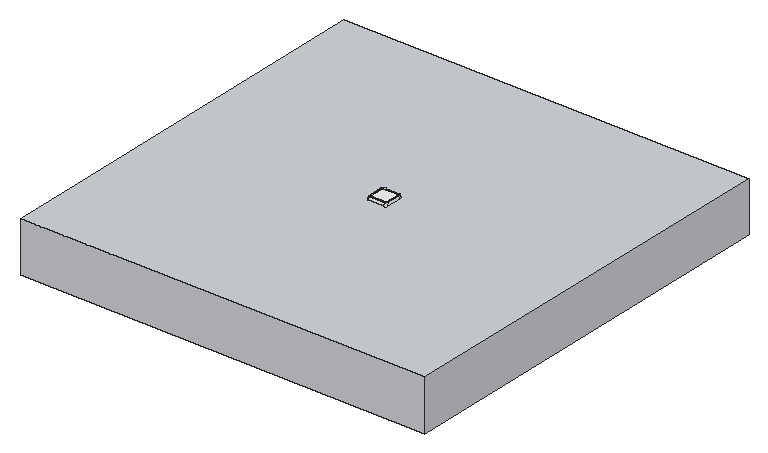
Revit family "Legrand_Lighting_Management_Interface_Actuator.", category Dispositifs d'éclairage, Revit 2020
Family settings
  Hôte = Face
  Conserver l'orientation des annotations = Non
  Cote de connecteur circulaire = Utiliser le diamètre
  Type d'élément = Normal
  Couper avec des vides une fois chargée = Non
  Partagée = Non
  Point de calcul de pièce = Non
Parameters
  Voltage type = ""
  URL = "http://www.legrandoc.com/048877"
  Temperature (MIN) (°C) = 0
  Temperature (MAX) (°C) = 0
  Suitable for wireless transmission = no
  Substation input = no
  Response value sensitivity adjustable = no
  Response value luminosity adjustable = no
  Response value luminosity (MIN) (lx) = 0
  Response value luminosity (MAX) (lx) = 0
  Remote operation = no
  RAL-number (akin) = 0
  Nominal voltage (V) = 0
  Mounting method = "Surface mounted (plaster)"
  Modèle = "048877"
  Model = ""
  Min. switch-on time (s) = 0
  Maximum mounting height (m) = 0
  Max. transmission range sideways (m) = 0
  Max. transmission range frontally (m) = 0
  Max. switching power (W) = 0
  Max. starting current (A) = 0
  Max. duty cycle (mn) = 0
  Liaison neutre = no
  HVAC-control = no
  General Conditions of Use = "https://export.legrand.com/en/terms-of-use-BIM-objects"
  Frequency (MIN) (Hz) = 0
  Frequency (MAX) (Hz) = 0
  Forced switch off = no
  Fabricant = "Legrand"
  Default Elevation = 1219.2 mm
  Dim function with dimmer basic element = no
  Diameter detection range on floor (m) = 0
  Detection angle horizontal (MIN) (°) = 0
  Detection angle horizontal (MAX) (°) = 0
  Description = "KNX/RADIO INTERFACE"
  Degree of protection (IP) = "IP20"
  Cosses d'artère secondaire = no
  Constant light control = no
  Colour = none
  Collecteur de terre = no
  Alarm function = no
Reference planes
  plane 1 "Centre (avant/arrière)": y = 0
  plane 2: z = 0
  plane 3 "Centre (gauche/droite)": x = 0
Forms (mm)
  Extrusion 1, solid
    sketch origin (0, 0, 0) x (1, 0, 0) y (0, 1, 0)
      loop
        line (-1219.2, 1219.2) -> (-1219.2, -1219.2) -> (1219.2, -1219.2) -> (1219.2, 1219.2) -> (-1219.2, 1219.2)
    from 0 to -304.8
Dimensions and locks
  aligned and locked: plane 2 to Extrusion 1
  aligned and locked: level to Extrusion 1
Nested families
  nested 1: "Modelisation 64" at (0, 0, -40), type "Modelisation 64"
Connectors
  electrical at (0, 0, 0)
    settings: index 1, voltage 230 V, apparent load 0 VA, apparent load phase1 0 VA, apparent load phase2 0 VA, apparent load phase3 0 VA, power factor 1, load classification "Eclairage", number of poles 1, system type 30, power factor state 1, is connector primary yes, connector utility no, sub classification motor no, connector description ""
Definition of nested family "Modelisation 64"
  Parameters (values of type "Modelisation 64")
    Profondeur totale = 82 mm
    Matériau couleur = none
    Longueur capot = 65 mm
    Largeur capot = 52 mm
    built-in parameter 1140140 [instance] = 1 (stored number, unit not read)
    Default Elevation = 0 mm
    Diamètre capot = 102 mm
    Ray Capot = Diamètre capot / 2  # 51 mm
    built-in parameter 1140142 [instance] = -1
    built-in parameter 1155100 [instance] = -1
  Reference planes
    plane 1 "Centre (avant/arrière)": y = 0
    plane 2: z = 0
    plane 3 "Centre (gauche/droite)": x = 0
  Forms (mm)
    Extrusion 1, solid, material <- "Matériau couleur"
      sketch origin (0, 0, 0) x (1, 0, 0) y (0, 1, 0)
        loop
          arc (-45.5, 53.5) -> (-51.157, 51.157) -> (-53.5, 45.5) r 8
          line (-53.5, 45.5) -> (-53.5, -45.5)
          arc (-53.5, -45.5) -> (-51.157, -51.157) -> (-45.5, -53.5) r 8
          line (-45.5, -53.5) -> (45.5, -53.5)
          arc (45.5, -53.5) -> (51.157, -51.157) -> (53.5, -45.5) r 8
          line (53.5, -45.5) -> (53.5, 45.5)
          arc (53.5, 45.5) -> (51.157, 51.157) -> (45.5, 53.5) r 8
          line (45.5, 53.5) -> (-45.5, 53.5)
      from 0 to 40
    Sweep 2, solid, material <- "Matériau couleur"
      path origin (0, 0, 0) x (1, 0, 0) y (0, 1, 0)
        loop
          arc (-45.5, 57.5) -> (-53.985, 53.985) -> (-57.5, 45.5) r 12
          line (-57.5, 45.5) -> (-57.5, -45.5)
          arc (-57.5, -45.5) -> (-53.985, -53.985) -> (-45.5, -57.5) r 12
          line (-45.5, -57.5) -> (45.5, -57.5)
          arc (45.5, -57.5) -> (53.985, -53.985) -> (57.5, -45.5) r 12
          line (57.5, -45.5) -> (57.5, 45.5)
          arc (57.5, 45.5) -> (53.985, 53.985) -> (45.5, 57.5) r 12
          line (45.5, 57.5) -> (-45.5, 57.5)
      profile origin (0, 57.5, 0) x (0, 1, 0) y (0, 0, 1)
        loop
          line (-8.714, 40) -> (0, 40) -> (-1.472, 55.988)
          arc (-1.472, 55.988) -> (-3.878, 56.926) -> (-6.352, 57.668) r 32.34
          arc (-6.352, 57.668) -> (-7.523, 57.902) -> (-8.714, 58) r 10.347
          line (-8.714, 58) -> (-8.714, 40)
    Extrusion 3, solid, material <- "Matériau couleur"
      sketch origin (0, 0, 0) x (1, 0, 0) y (0, 1, 0)
        loop
          arc (-48.786, -45.5) -> (-47.823, -47.823) -> (-45.5, -48.786) r 3.286
          line (-45.5, -48.786) -> (45.5, -48.786)
          arc (45.5, -48.786) -> (47.823, -47.823) -> (48.786, -45.5) r 3.286
          line (48.786, -45.5) -> (48.786, 45.5)
          arc (48.786, 45.5) -> (47.823, 47.823) -> (45.5, 48.786) r 3.286
          line (45.5, 48.786) -> (-45.5, 48.786)
          arc (-45.5, 48.786) -> (-47.823, 47.823) -> (-48.786, 45.5) r 3.286
          line (-48.786, 45.5) -> (-48.786, -45.5)
      from 42.586 to 58
    Extrusion 4, void
      sketch origin (0, 0, 0.187) x (0, 1, 0) y (0, 0, 1)
        loop
          circle (-25, 20) r 10
        loop
          circle (25, 20) r 10
      from -53.5 to -48.786
    Extrusion 5, void
      sketch origin (0, 0, 0.187) x (0, 1, 0) y (0, 0, 1)
        loop
          circle (-25, 20) r 10
        loop
          circle (25, 20) r 10
      from 48.786 to 53.5
    Extrusion 6, void
      sketch origin (0, 0, 0) x (1, 0, 0) y (0, 0, 1)
        loop
          circle (-18.5, 20) r 10
        loop
          circle (18.5, 20) r 10
      from 48.786 to 53.5
    Extrusion 7, void
      sketch origin (0, 0, 0) x (1, 0, 0) y (0, 0, 1)
        loop
          circle (-18.5, 20) r 10
        loop
          circle (18.5, 20) r 10
      from -53.5 to -48.786
  Cuts and joins
    Extrusion 4, Extrusion 5, Extrusion 6, Extrusion 7 cuts Extrusion 1
  Lines and regions (mm)
    model lines, not visible
      curve 1: line (86, 0, 0) -> (0, 0, 0)
      curve 2: line (0, 0, 0) -> (0, -52.187, 0)
      curve 3: arc (86, 0, 0) -> (84.972, -12.666, 0) -> (79.53, -24.148, 0) r 35.33
      curve 4: arc (79.53, -24.148, 0) -> (72.004, -39.03, 0) -> (69.387, -55.499, 0) r 53.916
      curve 5: line (56, -61, 0) -> (61, -60.563, 0)
      curve 6: line (61, -60.563, 0) -> (61, -59.687, 0)
      curve 7: arc (61, -59.687, 0) -> (65.726, -58.66, 0) -> (69.387, -55.499, 0) r 9.813
      curve 8: arc (0, -52.187, 0) -> (22.855, -55.983, 0) -> (46, -57.022, 0) r 193.641
      curve 9: arc (46, -57.022, 0) -> (51.397, -58.014, 0) -> (56, -61, 0) r 14.03
      curve 10: arc (0, -51, -35) -> (0, -46.894, -36.173) -> (0, -43.086, -38.106) r 22.313
      curve 11: line (0, -26, -43.1) -> (0, -21, -43.1)
      curve 12: arc (0, -43.086, -38.106) -> (0, -34.806, -42.622) -> (0, -26, -46) r 71.004
      curve 13: line (0, -26, -46) -> (0, -21, -46)
      curve 14: line (0, -21, -46) -> (0, -18.947, -48.932)
      curve 15: line (0, -18.947, -48.932) -> (0, -12.425, -52)
      curve 16: line (0, -12.425, -52) -> (0, 0, -52)
  Dimensions and locks
    aligned and locked: level to plane 2
